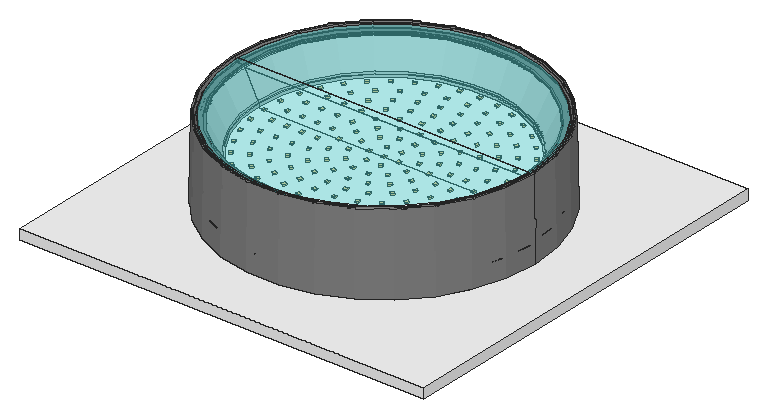
Revit family "BE_24648_de_DE", category Leuchten, Revit 2020 (continued)
Definition of nested family "BE_24648"
  Forms (mm)
    Extrusion 167, solid, material <- "Material_15"
      sketch origin (0, 0, 0) x (-0.587786, 0.809017, 0) y (-0.809017, -0.587786, 0)
        loop
          line (-119.8, -1.6) -> (-117, -1.6) -> (-117, 1.6) -> (-119.8, 1.6) -> (-119.8, -1.6)
      from 45.555 to 47.214
    Extrusion 168, solid, material <- "Material_15"
      sketch origin (0, 0, 0) x (-0.453991, 0.891006, 0) y (-0.891006, -0.453991, 0)
        loop
          line (-119.8, -1.6) -> (-117, -1.6) -> (-117, 1.6) -> (-119.8, 1.6) -> (-119.8, -1.6)
      from 45.555 to 47.214
    Extrusion 169, solid, material <- "Material_15"
      sketch origin (0, 0, 0) x (-0.309017, 0.951056, 0) y (-0.951056, -0.309017, 0)
        loop
          line (-119.8, -1.6) -> (-117, -1.6) -> (-117, 1.6) -> (-119.8, 1.6) -> (-119.8, -1.6)
      from 45.555 to 47.214
    Extrusion 170, solid, material <- "Material_15"
      sketch origin (0, 0, 0) x (-0.156435, 0.987688, 0) y (-0.987688, -0.156435, 0)
        loop
          line (-119.8, -1.6) -> (-117, -1.6) -> (-117, 1.6) -> (-119.8, 1.6) -> (-119.8, -1.6)
      from 45.555 to 47.214
    Extrusion 171, solid, material <- "Material_15"
      sketch origin (0, 0, 0) x (-0.000001, 1, 0) y (-1, -0.000001, 0)
        loop
          line (-119.8, -1.6) -> (-117, -1.6) -> (-117, 1.6) -> (-119.8, 1.6) -> (-119.8, -1.6)
      from 45.555 to 47.214
    Extrusion 172, solid, material <- "Material_15"
      sketch origin (0, 0, 0) x (0.156434, 0.987688, 0) y (-0.987688, 0.156434, 0)
        loop
          line (-119.8, -1.6) -> (-117, -1.6) -> (-117, 1.6) -> (-119.8, 1.6) -> (-119.8, -1.6)
      from 45.555 to 47.214
    Extrusion 173, solid, material <- "Material_15"
      sketch origin (0, 0, 0) x (0.309016, 0.951057, 0) y (-0.951057, 0.309016, 0)
        loop
          line (-119.8, -1.6) -> (-117, -1.6) -> (-117, 1.6) -> (-119.8, 1.6) -> (-119.8, -1.6)
      from 45.555 to 47.214
    Extrusion 174, solid, material <- "Material_15"
      sketch origin (0, 0, 0) x (0.45399, 0.891007, 0) y (-0.891007, 0.45399, 0)
        loop
          line (-119.8, -1.6) -> (-117, -1.6) -> (-117, 1.6) -> (-119.8, 1.6) -> (-119.8, -1.6)
      from 45.555 to 47.214
    Extrusion 175, solid, material <- "Material_15"
      sketch origin (0, 0, 0) x (0.587785, 0.809017, 0) y (-0.809017, 0.587785, 0)
        loop
          line (-119.8, -1.6) -> (-117, -1.6) -> (-117, 1.6) -> (-119.8, 1.6) -> (-119.8, -1.6)
      from 45.555 to 47.214
    Extrusion 176, solid, material <- "Material_15"
      sketch origin (0, 0, 0) x (0.707106, 0.707107, 0) y (-0.707107, 0.707106, 0)
        loop
          line (-119.8, -1.6) -> (-117, -1.6) -> (-117, 1.6) -> (-119.8, 1.6) -> (-119.8, -1.6)
      from 45.555 to 47.214
    Extrusion 177, solid, material <- "Material_15"
      sketch origin (0, 0, 0) x (0.809017, 0.587786, 0) y (-0.587786, 0.809017, 0)
        loop
          line (-119.8, -1.6) -> (-117, -1.6) -> (-117, 1.6) -> (-119.8, 1.6) -> (-119.8, -1.6)
      from 45.555 to 47.214
    Extrusion 178, solid, material <- "Material_15"
      sketch origin (0, 0, 0) x (0.891006, 0.453991, 0) y (-0.453991, 0.891006, 0)
        loop
          line (-119.8, -1.6) -> (-117, -1.6) -> (-117, 1.6) -> (-119.8, 1.6) -> (-119.8, -1.6)
      from 45.555 to 47.214
    Extrusion 179, solid, material <- "Material_15"
      sketch origin (0, 0, 0) x (0.951056, 0.309018, 0) y (-0.309018, 0.951056, 0)
        loop
          line (-119.8, -1.6) -> (-117, -1.6) -> (-117, 1.6) -> (-119.8, 1.6) -> (-119.8, -1.6)
      from 45.555 to 47.214
    Extrusion 180, solid, material <- "Material_15"
      sketch origin (0, 0, 0) x (0.987688, 0.156435, 0) y (-0.156435, 0.987688, 0)
        loop
          line (-119.8, -1.6) -> (-117, -1.6) -> (-117, 1.6) -> (-119.8, 1.6) -> (-119.8, -1.6)
      from 45.555 to 47.214
    Revolve 181, solid, material <- "Material_03", visible <- "M_W"
      sketch origin (0, 0, 0) x (1, 0, 0) y (0, 0, 1)
        loop
          line (-150.396, 4.114) -> (-146.024, 4.114) -> (-145.448, 20.614) -> (-144.25, 20.614)
          arc (-144.25, 20.614) -> (-143.896, 20.76) -> (-143.75, 21.114) r 0.5
          line (-143.75, 21.114) -> (-143.622, 22.614) -> (-143, 52.314) -> (-143, 77.114) -> (-140.207, 77.114) -> (-140.259, 78.614) -> (-145.498, 78.614) -> (-145.549, 79.75) -> (-146.972, 83.657)
          arc (-146.972, 83.657) -> (-147.226, 83.988) -> (-147.624, 84.114) r 0.695
          line (-147.624, 84.114) -> (-148.462, 84.114)
          arc (-148.462, 84.114) -> (-148.846, 83.957) -> (-149.009, 83.576) r 0.547
          line (-149.009, 83.576) -> (-150.396, 4.114)
        axis (0, 84.114) -> (0, 4.114)
      angle from 0 to 360
    Revolve 182, solid, material <- "Material_03", visible <- "M_W"
      sketch origin (0, 0, 0) x (1, 0, 0) y (0, 0, 1)
        loop
          arc (144.045, 16.536) -> (143.78, 17.179) -> (143.159, 17.494) r 1
          line (143.159, 17.494) -> (141.585, 17.674)
          arc (141.585, 17.674) -> (140.003, 20.129) -> (141.829, 22.408) r 2.5
          line (141.829, 22.408) -> (141.747, 23.342)
          arc (141.747, 23.342) -> (141.381, 23.819) -> (140.807, 24) r 1
          line (140.807, 24) -> (138.693, 24)
          arc (138.693, 24) -> (137.997, 23.719) -> (137.693, 23.033) r 1
          line (137.693, 23.033) -> (137.551, 18.964)
          arc (137.551, 18.964) -> (137.404, 18.477) -> (137.037, 18.126) r 1
          arc (137.037, 18.126) -> (136.673, 17.775) -> (136.527, 17.291) r 1
          line (136.527, 17.291) -> (136.236, 8.963)
          arc (136.236, 8.963) -> (135.931, 8.28) -> (135.237, 8) r 1
          line (135.237, 8) -> (0, 8) -> (0, 5) -> (140.48, 5)
          arc (140.48, 5) -> (141.174, 4.72) -> (141.479, 4.037) r 1
          line (141.479, 4.037) -> (141.552, 1.964)
          arc (141.552, 1.964) -> (141.857, 1.28) -> (142.551, 1) r 1
          line (142.551, 1) -> (144.587, 1) -> (144.045, 16.536)
        axis (0, 24) -> (0, 1)
      angle from 0 to 360
    Extrusion 183, solid, material <- "Material_03", visible <- "M_W"
      sketch origin (0, 0, 0) x (1, 0, 0) y (0, 1, 0)
        loop
          circle (-130, 0) r 8.251
        loop
          circle (130, 0) r 8.251
      from 0 to 5
  Cuts and joins
    Extrusion 10 cuts Revolve 3
    Extrusion 10 cuts Revolve 5
    Extrusion 10 cuts Revolve 6
    Extrusion 10 cuts Revolve 7
    Extrusion 10 cuts Extrusion 9
    Extrusion 10 cuts Revolve 182
    Extrusion 10 cuts Extrusion 183
  Dimensions and locks
    equal spacing: Extrusion 1 sketch curve, plane 3 "Mitte (Links/Rechts)", Extrusion 1 sketch curve
    equal spacing: Extrusion 1 sketch curve, plane 1 "Mitte (Oben/Unten)", Extrusion 1 sketch curve
    "Länge_Platte": Extrusion 1 sketch curve to Extrusion 1 sketch curve
    "Breite_Platte": Extrusion 1 sketch curve to Extrusion 1 sketch curve
    aligned and locked: Extrusion 1 to plane 2
    aligned and locked: level to Extrusion 1
  Automatic sketch dimensions
    Revolve 2 sketch curve to plane 3 "Mitte (Links/Rechts)" = 0 mm
    Revolve 2 sketch curve to Revolve 2 sketch curve = 0.052 mm
    Revolve 2 sketch curve to Revolve 2 sketch curve = 2.793 mm
    level to Revolve 2 sketch curve = 22.614 mm
    Revolve 2 sketch curve to Revolve 2 sketch curve = 0.622 mm
    level to Revolve 2 sketch curve = 21.114 mm
    Revolve 2 sketch curve to Revolve 2 sketch curve = 0.128 mm
    Revolve 2 sketch curve to Revolve 2 sketch curve = 0.5 mm
    Revolve 2 sketch curve to Revolve 2 sketch curve = 1.198 mm
    level to Revolve 2 sketch curve = 4.114 mm
    Revolve 2 sketch curve to Revolve 2 sketch curve = 0.576 mm
    Revolve 2 sketch curve to Revolve 2 sketch curve = 1.422 mm
    Revolve 2 sketch curve to Revolve 2 sketch curve = 0.653 mm
    Revolve 2 sketch curve to Revolve 2 sketch curve = 0.838 mm
    level to Revolve 2 sketch curve = 83.576 mm
    Revolve 2 sketch curve to Revolve 2 sketch curve = 0.547 mm
    Revolve 2 sketch curve to Revolve 2 sketch curve = 4.373 mm
    Revolve 2 sketch curve to Revolve 2 sketch curve = 29.7 mm
    Revolve 2 sketch curve to Revolve 2 sketch curve = 6.462 mm
    Revolve 2 sketch curve to Revolve 2 sketch curve = 0.157 mm
    Revolve 2 sketch curve to Revolve 2 sketch curve = 0.01 mm
    Revolve 2 sketch curve to level = 413.745 mm
    Revolve 2 sketch curve to Revolve 2 sketch curve = 700.754 mm
    Revolve 2 sketch curve to plane 3 "Mitte (Links/Rechts)" = 140.207 mm
    Revolve 2 sketch curve to Revolve 2 sketch curve = 6.009 mm
    Revolve 2 sketch curve to Revolve 2 sketch curve = 0.051 mm
    Revolve 2 sketch curve to Revolve 2 sketch curve = 1.5 mm
    Revolve 2 sketch curve to Revolve 2 sketch curve = 1.136 mm
    Revolve 4 sketch curve to plane 3 "Mitte (Links/Rechts)" = 144.993 mm
    Revolve 4 sketch curve to Revolve 4 sketch curve = 6.981 mm
    level to Revolve 4 sketch curve = 78.323 mm
    Revolve 4 sketch curve to Revolve 4 sketch curve = 0.79 mm
    Revolve 3 sketch curve to plane 3 "Mitte (Links/Rechts)" = 0 mm  (x2)
    Revolve 3 sketch curve to plane 3 "Mitte (Links/Rechts)" = 139.5 mm
    Revolve 3 sketch curve to Revolve 3 sketch curve = 4.764 mm
    Revolve 3 sketch curve to Revolve 3 sketch curve = 0.736 mm
    level to Revolve 3 sketch curve = 77.124 mm
    Revolve 3 sketch curve to Revolve 3 sketch curve = 2 mm
    Revolve 3 sketch curve to Revolve 3 sketch curve = 3.264 mm
    Revolve 3 sketch curve to Revolve 3 sketch curve = 6 mm
    Revolve 3 sketch curve to Revolve 3 sketch curve = 0 mm
    Revolve 3 sketch curve to Revolve 3 sketch curve = 701.744 mm
    Revolve 5 sketch curve to plane 3 "Mitte (Links/Rechts)" = 138.618 mm
    Revolve 5 sketch curve to Revolve 5 sketch curve = 10.618 mm
    Revolve 5 sketch curve to Revolve 5 sketch curve = 0.433 mm
    Revolve 5 sketch curve to Revolve 5 sketch curve = 1.817 mm
    Revolve 5 sketch curve to Revolve 5 sketch curve = 0.75 mm  (x4)
    Revolve 5 sketch curve to Revolve 5 sketch curve = 1.5 mm
    level to Revolve 5 sketch curve = 47.564 mm
    Revolve 5 sketch curve to Revolve 5 sketch curve = 1 mm
    Revolve 5 sketch curve to Revolve 5 sketch curve = 1.621 mm
    Revolve 5 sketch curve to Revolve 5 sketch curve = 0.179 mm
    Revolve 5 sketch curve to Revolve 5 sketch curve = 25.439 mm
    Revolve 5 sketch curve to Revolve 5 sketch curve = 0.84 mm
    Revolve 6 sketch curve to plane 3 "Mitte (Links/Rechts)" = 142 mm
    Revolve 6 sketch curve to Revolve 6 sketch curve = 3 mm
    Revolve 6 sketch curve to plane 3 "Mitte (Links/Rechts)" = 0 mm  (x2)
    level to Revolve 6 sketch curve = 42.014 mm
    Revolve 6 sketch curve to Revolve 6 sketch curve = 16.881 mm
    Revolve 6 sketch curve to level = 413.745 mm
    Revolve 6 sketch curve to Revolve 6 sketch curve = 739.854 mm
    Revolve 6 sketch curve to Revolve 6 sketch curve = 1.55 mm
    Revolve 7 sketch curve to plane 3 "Mitte (Links/Rechts)" = 0 mm
    level to Revolve 7 sketch curve = 9 mm
    plane 3 "Mitte (Links/Rechts)" to Revolve 7 sketch curve = 135.237 mm
    level to Revolve 7 sketch curve = 8.963 mm
    Revolve 7 sketch curve to Revolve 7 sketch curve = 0.999 mm  (x7)
    level to Revolve 7 sketch curve = 17.291 mm
    Revolve 7 sketch curve to Revolve 7 sketch curve = 0.291 mm
    Revolve 7 sketch curve to Revolve 7 sketch curve = 0.025 mm
    level to Revolve 7 sketch curve = 18.964 mm
    Revolve 7 sketch curve to Revolve 7 sketch curve = 0.142 mm
    Revolve 7 sketch curve to Revolve 7 sketch curve = 4.244 mm
    Revolve 7 sketch curve to Revolve 7 sketch curve = 2.115 mm
    level to Revolve 7 sketch curve = 4.037 mm
    level to Revolve 7 sketch curve = 1.964 mm
    Revolve 7 sketch curve to Revolve 7 sketch curve = 0.072 mm
    level to Revolve 7 sketch curve = 17.674 mm
    Revolve 7 sketch curve to Revolve 7 sketch curve = 4.059 mm
    Revolve 7 sketch curve to Revolve 7 sketch curve = 0.915 mm
    level to Revolve 7 sketch curve = 1 mm
    Revolve 7 sketch curve to Revolve 7 sketch curve = 1.461 mm
    level to Revolve 7 sketch curve = 17.494 mm
    Revolve 7 sketch curve to Revolve 7 sketch curve = 0.114 mm
    level to Revolve 7 sketch curve = 16.536 mm
    Revolve 7 sketch curve to Revolve 7 sketch curve = 2.036 mm
    Revolve 7 sketch curve to Revolve 7 sketch curve = 0.037 mm  (x2)
    Revolve 7 sketch curve to Revolve 7 sketch curve = 0.036 mm
    Revolve 7 sketch curve to Revolve 7 sketch curve = 2.326 mm
    Revolve 7 sketch curve to Revolve 7 sketch curve = 0.033 mm  (x2)
    Revolve 7 sketch curve to Revolve 7 sketch curve = 0.94 mm
    Revolve 7 sketch curve to Revolve 7 sketch curve = 0.082 mm
    Revolve 7 sketch curve to Revolve 7 sketch curve = 0.592 mm
    Revolve 8 sketch curve to Revolve 8 sketch curve = 0 mm  (x4)
    level to Revolve 8 sketch curve = 20.1 mm
    plane 3 "Mitte (Links/Rechts)" to Revolve 8 sketch curve = 142.5 mm
    Revolve 8 sketch curve to Revolve 8 sketch curve = 2.5 mm
    plane 1 "Mitte (Oben/Unten)" to Extrusion 9 sketch curve = 0 mm  (x2)
    Extrusion 9 sketch curve to plane 3 "Mitte (Links/Rechts)" = 130 mm
    plane 3 "Mitte (Links/Rechts)" to Extrusion 9 sketch curve = 130 mm
    plane 3 "Mitte (Links/Rechts)" to Extrusion 11 sketch curve = 1.4 mm
    Extrusion 11 sketch curve to plane 1 "Mitte (Oben/Unten)" = 1.6 mm
    plane 1 "Mitte (Oben/Unten)" to Extrusion 11 sketch curve = 1.6 mm
    Extrusion 11 sketch curve to plane 3 "Mitte (Links/Rechts)" = 1.4 mm
    Extrusion 12 sketch curve to Extrusion 12 sketch curve = 2.8 mm
    Extrusion 12 sketch curve to Extrusion 12 sketch curve = 14.158 mm
    Extrusion 12 sketch curve to Extrusion 12 sketch curve = 2.705 mm  (x4)
    Extrusion 12 sketch curve to Extrusion 12 sketch curve = 0.828 mm  (x2)
    Extrusion 12 sketch curve to Extrusion 12 sketch curve = 1.876 mm
    Extrusion 12 sketch curve to Extrusion 12 sketch curve = 0.725 mm  (x4)
    Extrusion 12 sketch curve to Extrusion 12 sketch curve = 3.091 mm  (x2)
    Extrusion 12 sketch curve to Extrusion 12 sketch curve = 4.153 mm
    Extrusion 12 sketch curve to Extrusion 12 sketch curve = 3.2 mm
    Extrusion 12 sketch curve to Extrusion 12 sketch curve = 11.506 mm
    Extrusion 13 sketch curve to Extrusion 13 sketch curve = 2.8 mm
    Extrusion 13 sketch curve to Extrusion 13 sketch curve = 14.158 mm
    Extrusion 13 sketch curve to Extrusion 13 sketch curve = 2.705 mm  (x4)
    Extrusion 13 sketch curve to Extrusion 13 sketch curve = 0.828 mm  (x2)
    Extrusion 13 sketch curve to Extrusion 13 sketch curve = 1.876 mm
    Extrusion 13 sketch curve to Extrusion 13 sketch curve = 0.725 mm  (x4)
    Extrusion 13 sketch curve to Extrusion 13 sketch curve = 3.091 mm  (x2)
    Extrusion 13 sketch curve to Extrusion 13 sketch curve = 4.153 mm
    Extrusion 13 sketch curve to Extrusion 13 sketch curve = 3.2 mm
    Extrusion 13 sketch curve to Extrusion 13 sketch curve = 11.506 mm
    Extrusion 14 sketch curve to Extrusion 14 sketch curve = 2.8 mm
    Extrusion 14 sketch curve to Extrusion 14 sketch curve = 14.158 mm
    Extrusion 14 sketch curve to Extrusion 14 sketch curve = 2.705 mm  (x4)
    Extrusion 14 sketch curve to Extrusion 14 sketch curve = 0.828 mm  (x2)
    Extrusion 14 sketch curve to Extrusion 14 sketch curve = 1.876 mm
    Extrusion 14 sketch curve to Extrusion 14 sketch curve = 0.725 mm  (x4)
    Extrusion 14 sketch curve to Extrusion 14 sketch curve = 3.091 mm  (x2)
    Extrusion 14 sketch curve to Extrusion 14 sketch curve = 4.153 mm
    Extrusion 14 sketch curve to Extrusion 14 sketch curve = 3.2 mm
    Extrusion 14 sketch curve to Extrusion 14 sketch curve = 11.506 mm
    Extrusion 15 sketch curve to Extrusion 15 sketch curve = 2.8 mm
    Extrusion 15 sketch curve to Extrusion 15 sketch curve = 14.158 mm
    Extrusion 15 sketch curve to Extrusion 15 sketch curve = 2.705 mm  (x4)
    Extrusion 15 sketch curve to Extrusion 15 sketch curve = 0.828 mm  (x2)
    Extrusion 15 sketch curve to Extrusion 15 sketch curve = 1.876 mm
    Extrusion 15 sketch curve to Extrusion 15 sketch curve = 0.725 mm  (x4)
    Extrusion 15 sketch curve to Extrusion 15 sketch curve = 3.091 mm  (x2)
    Extrusion 15 sketch curve to Extrusion 15 sketch curve = 4.153 mm
    Extrusion 15 sketch curve to Extrusion 15 sketch curve = 3.2 mm
    Extrusion 15 sketch curve to Extrusion 15 sketch curve = 11.506 mm
    Extrusion 16 sketch curve to Extrusion 16 sketch curve = 2.8 mm
    Extrusion 16 sketch curve to Extrusion 16 sketch curve = 14.158 mm
    Extrusion 16 sketch curve to Extrusion 16 sketch curve = 2.705 mm  (x4)
    Extrusion 16 sketch curve to Extrusion 16 sketch curve = 0.828 mm  (x2)
    Extrusion 16 sketch curve to Extrusion 16 sketch curve = 1.876 mm
    Extrusion 16 sketch curve to Extrusion 16 sketch curve = 0.725 mm  (x4)
    Extrusion 16 sketch curve to Extrusion 16 sketch curve = 3.091 mm  (x2)
    Extrusion 16 sketch curve to Extrusion 16 sketch curve = 4.153 mm
    Extrusion 16 sketch curve to Extrusion 16 sketch curve = 3.2 mm
    Extrusion 16 sketch curve to Extrusion 16 sketch curve = 11.506 mm
    Extrusion 17 sketch curve to Extrusion 17 sketch curve = 2.8 mm
    Extrusion 17 sketch curve to Extrusion 17 sketch curve = 14.158 mm
    Extrusion 17 sketch curve to Extrusion 17 sketch curve = 2.705 mm  (x4)
    Extrusion 17 sketch curve to Extrusion 17 sketch curve = 0.828 mm  (x2)
    Extrusion 17 sketch curve to Extrusion 17 sketch curve = 1.876 mm
    Extrusion 17 sketch curve to Extrusion 17 sketch curve = 0.725 mm  (x4)
    Extrusion 17 sketch curve to Extrusion 17 sketch curve = 3.091 mm  (x2)
    Extrusion 17 sketch curve to Extrusion 17 sketch curve = 4.153 mm
    Extrusion 17 sketch curve to Extrusion 17 sketch curve = 3.2 mm
    Extrusion 17 sketch curve to Extrusion 17 sketch curve = 11.506 mm
    Extrusion 18 sketch curve to Extrusion 18 sketch curve = 2.8 mm
    Extrusion 18 sketch curve to Extrusion 18 sketch curve = 3.2 mm
    Extrusion 19 sketch curve to Extrusion 19 sketch curve = 2.8 mm
    Extrusion 19 sketch curve to Extrusion 19 sketch curve = 3.2 mm
    Extrusion 20 sketch curve to Extrusion 20 sketch curve = 2.8 mm
    Extrusion 20 sketch curve to Extrusion 20 sketch curve = 3.2 mm
    Extrusion 21 sketch curve to Extrusion 21 sketch curve = 2.8 mm
    Extrusion 21 sketch curve to Extrusion 21 sketch curve = 3.2 mm
    Extrusion 22 sketch curve to Extrusion 22 sketch curve = 2.8 mm
    Extrusion 22 sketch curve to Extrusion 22 sketch curve = 3.2 mm
    Extrusion 23 sketch curve to Extrusion 23 sketch curve = 2.8 mm
    Extrusion 23 sketch curve to Extrusion 23 sketch curve = 3.2 mm
    Extrusion 24 sketch curve to Extrusion 24 sketch curve = 2.8 mm
    Extrusion 24 sketch curve to Extrusion 24 sketch curve = 3.2 mm
    Extrusion 25 sketch curve to Extrusion 25 sketch curve = 2.8 mm
    Extrusion 25 sketch curve to Extrusion 25 sketch curve = 3.2 mm
    Extrusion 26 sketch curve to Extrusion 26 sketch curve = 2.8 mm
    Extrusion 26 sketch curve to Extrusion 26 sketch curve = 3.2 mm
    Extrusion 27 sketch curve to Extrusion 27 sketch curve = 2.8 mm
    Extrusion 27 sketch curve to Extrusion 27 sketch curve = 3.2 mm
    Extrusion 28 sketch curve to Extrusion 28 sketch curve = 2.8 mm
    Extrusion 28 sketch curve to Extrusion 28 sketch curve = 3.2 mm
    Extrusion 29 sketch curve to Extrusion 29 sketch curve = 2.8 mm
    Extrusion 29 sketch curve to Extrusion 29 sketch curve = 3.2 mm
    Extrusion 30 sketch curve to Extrusion 30 sketch curve = 2.8 mm
    Extrusion 30 sketch curve to Extrusion 30 sketch curve = 3.2 mm
    Extrusion 31 sketch curve to Extrusion 31 sketch curve = 2.8 mm
    Extrusion 31 sketch curve to Extrusion 31 sketch curve = 3.2 mm
    Extrusion 32 sketch curve to Extrusion 32 sketch curve = 2.8 mm
    Extrusion 32 sketch curve to Extrusion 32 sketch curve = 3.2 mm
    Extrusion 33 sketch curve to Extrusion 33 sketch curve = 2.8 mm
    Extrusion 33 sketch curve to Extrusion 33 sketch curve = 3.2 mm
    Extrusion 34 sketch curve to Extrusion 34 sketch curve = 0.501 mm
    Extrusion 34 sketch curve to Extrusion 34 sketch curve = 2.766 mm  (x2)
    Extrusion 34 sketch curve to Extrusion 34 sketch curve = 0.438 mm  (x2)
    Extrusion 34 sketch curve to Extrusion 34 sketch curve = 3.161 mm
    Extrusion 35 sketch curve to Extrusion 35 sketch curve = 0.501 mm
    Extrusion 35 sketch curve to Extrusion 35 sketch curve = 2.766 mm  (x2)
    Extrusion 35 sketch curve to Extrusion 35 sketch curve = 0.438 mm  (x2)
    Extrusion 35 sketch curve to Extrusion 35 sketch curve = 3.161 mm
    Extrusion 36 sketch curve to Extrusion 36 sketch curve = 0.501 mm
    Extrusion 36 sketch curve to Extrusion 36 sketch curve = 2.766 mm  (x2)
    Extrusion 36 sketch curve to Extrusion 36 sketch curve = 0.438 mm  (x2)
    Extrusion 36 sketch curve to Extrusion 36 sketch curve = 3.161 mm
    Extrusion 37 sketch curve to Extrusion 37 sketch curve = 0.501 mm
    Extrusion 37 sketch curve to Extrusion 37 sketch curve = 2.766 mm  (x2)
    Extrusion 37 sketch curve to Extrusion 37 sketch curve = 0.438 mm  (x2)
    Extrusion 37 sketch curve to Extrusion 37 sketch curve = 3.161 mm
    Extrusion 38 sketch curve to Extrusion 38 sketch curve = 0.501 mm
    Extrusion 38 sketch curve to Extrusion 38 sketch curve = 2.766 mm  (x2)
    Extrusion 38 sketch curve to Extrusion 38 sketch curve = 0.438 mm  (x2)
    Extrusion 38 sketch curve to Extrusion 38 sketch curve = 3.161 mm
    Extrusion 39 sketch curve to Extrusion 39 sketch curve = 0.501 mm
    Extrusion 39 sketch curve to Extrusion 39 sketch curve = 2.766 mm  (x2)
    Extrusion 39 sketch curve to Extrusion 39 sketch curve = 0.438 mm  (x2)
    Extrusion 39 sketch curve to Extrusion 39 sketch curve = 3.161 mm
    Extrusion 40 sketch curve to Extrusion 40 sketch curve = 0.501 mm
    Extrusion 40 sketch curve to Extrusion 40 sketch curve = 2.766 mm  (x2)
    Extrusion 40 sketch curve to Extrusion 40 sketch curve = 0.438 mm  (x2)
    Extrusion 40 sketch curve to Extrusion 40 sketch curve = 3.161 mm
    Extrusion 41 sketch curve to Extrusion 41 sketch curve = 0.501 mm
    Extrusion 41 sketch curve to Extrusion 41 sketch curve = 2.766 mm  (x2)
    Extrusion 41 sketch curve to Extrusion 41 sketch curve = 0.438 mm  (x2)
    Extrusion 41 sketch curve to Extrusion 41 sketch curve = 3.161 mm
    Extrusion 42 sketch curve to Extrusion 42 sketch curve = 0.501 mm
    Extrusion 42 sketch curve to Extrusion 42 sketch curve = 2.766 mm  (x2)
    Extrusion 42 sketch curve to Extrusion 42 sketch curve = 0.438 mm  (x2)
    Extrusion 42 sketch curve to Extrusion 42 sketch curve = 3.161 mm
    Extrusion 43 sketch curve to Extrusion 43 sketch curve = 0.501 mm
    Extrusion 43 sketch curve to Extrusion 43 sketch curve = 2.766 mm  (x2)
    Extrusion 43 sketch curve to Extrusion 43 sketch curve = 0.438 mm  (x2)
    Extrusion 43 sketch curve to Extrusion 43 sketch curve = 3.161 mm
    Extrusion 44 sketch curve to Extrusion 44 sketch curve = 0.501 mm
    Extrusion 44 sketch curve to Extrusion 44 sketch curve = 2.766 mm  (x2)
    Extrusion 44 sketch curve to Extrusion 44 sketch curve = 0.438 mm  (x2)
    Extrusion 44 sketch curve to Extrusion 44 sketch curve = 3.161 mm
    Extrusion 45 sketch curve to Extrusion 45 sketch curve = 0.501 mm
    Extrusion 45 sketch curve to Extrusion 45 sketch curve = 2.766 mm  (x2)
    Extrusion 45 sketch curve to Extrusion 45 sketch curve = 0.438 mm  (x2)
    Extrusion 45 sketch curve to Extrusion 45 sketch curve = 3.161 mm
    Extrusion 46 sketch curve to Extrusion 46 sketch curve = 0.501 mm
    Extrusion 46 sketch curve to Extrusion 46 sketch curve = 2.766 mm  (x2)
    Extrusion 46 sketch curve to Extrusion 46 sketch curve = 0.438 mm  (x2)
    Extrusion 46 sketch curve to Extrusion 46 sketch curve = 3.161 mm
    Extrusion 47 sketch curve to Extrusion 47 sketch curve = 0.501 mm
    Extrusion 47 sketch curve to Extrusion 47 sketch curve = 2.766 mm  (x2)
    Extrusion 47 sketch curve to Extrusion 47 sketch curve = 0.438 mm  (x2)
    Extrusion 47 sketch curve to Extrusion 47 sketch curve = 3.161 mm
    Extrusion 48 sketch curve to Extrusion 48 sketch curve = 0.501 mm
    Extrusion 48 sketch curve to Extrusion 48 sketch curve = 2.766 mm  (x2)
    Extrusion 48 sketch curve to Extrusion 48 sketch curve = 0.438 mm  (x2)
    Extrusion 48 sketch curve to Extrusion 48 sketch curve = 3.161 mm
    Extrusion 49 sketch curve to Extrusion 49 sketch curve = 0.501 mm
    Extrusion 49 sketch curve to Extrusion 49 sketch curve = 2.766 mm  (x2)
    Extrusion 49 sketch curve to Extrusion 49 sketch curve = 0.438 mm  (x2)
    Extrusion 49 sketch curve to Extrusion 49 sketch curve = 3.161 mm
    Extrusion 50 sketch curve to Extrusion 50 sketch curve = 0.501 mm
    Extrusion 50 sketch curve to Extrusion 50 sketch curve = 2.766 mm  (x2)
    Extrusion 50 sketch curve to Extrusion 50 sketch curve = 0.438 mm  (x2)
    Extrusion 50 sketch curve to Extrusion 50 sketch curve = 3.161 mm
    Extrusion 51 sketch curve to Extrusion 51 sketch curve = 0.501 mm
    Extrusion 51 sketch curve to Extrusion 51 sketch curve = 2.766 mm  (x2)
    Extrusion 51 sketch curve to Extrusion 51 sketch curve = 0.438 mm  (x2)
    Extrusion 51 sketch curve to Extrusion 51 sketch curve = 3.161 mm
    Extrusion 52 sketch curve to Extrusion 52 sketch curve = 0.501 mm
    Extrusion 52 sketch curve to Extrusion 52 sketch curve = 2.766 mm  (x2)
    Extrusion 52 sketch curve to Extrusion 52 sketch curve = 0.438 mm  (x2)
    Extrusion 52 sketch curve to Extrusion 52 sketch curve = 3.161 mm
    Extrusion 53 sketch curve to Extrusion 53 sketch curve = 0.501 mm
    Extrusion 53 sketch curve to Extrusion 53 sketch curve = 2.766 mm  (x2)
    Extrusion 53 sketch curve to Extrusion 53 sketch curve = 0.438 mm  (x2)
    Extrusion 53 sketch curve to Extrusion 53 sketch curve = 3.161 mm
    Extrusion 54 sketch curve to Extrusion 54 sketch curve = 2.776 mm  (x2)
    Extrusion 54 sketch curve to Extrusion 54 sketch curve = 0.418 mm
    Extrusion 54 sketch curve to Extrusion 54 sketch curve = 0.365 mm  (x2)
    Extrusion 54 sketch curve to Extrusion 54 sketch curve = 3.173 mm
    Extrusion 55 sketch curve to Extrusion 55 sketch curve = 2.776 mm  (x2)
    Extrusion 55 sketch curve to Extrusion 55 sketch curve = 0.418 mm
    Extrusion 55 sketch curve to Extrusion 55 sketch curve = 0.365 mm  (x2)
    Extrusion 55 sketch curve to Extrusion 55 sketch curve = 3.173 mm
    Extrusion 56 sketch curve to Extrusion 56 sketch curve = 2.776 mm  (x2)
    Extrusion 56 sketch curve to Extrusion 56 sketch curve = 0.418 mm
    Extrusion 56 sketch curve to Extrusion 56 sketch curve = 0.365 mm  (x2)
    Extrusion 56 sketch curve to Extrusion 56 sketch curve = 3.173 mm
    Extrusion 57 sketch curve to Extrusion 57 sketch curve = 2.776 mm  (x2)
    Extrusion 57 sketch curve to Extrusion 57 sketch curve = 0.418 mm
    Extrusion 57 sketch curve to Extrusion 57 sketch curve = 0.365 mm  (x2)
    Extrusion 57 sketch curve to Extrusion 57 sketch curve = 3.173 mm
    Extrusion 58 sketch curve to Extrusion 58 sketch curve = 2.776 mm  (x2)
    Extrusion 58 sketch curve to Extrusion 58 sketch curve = 0.418 mm
    Extrusion 58 sketch curve to Extrusion 58 sketch curve = 0.365 mm  (x2)
    Extrusion 58 sketch curve to Extrusion 58 sketch curve = 3.173 mm
    Extrusion 59 sketch curve to Extrusion 59 sketch curve = 2.776 mm  (x2)
    Extrusion 59 sketch curve to Extrusion 59 sketch curve = 0.418 mm
    Extrusion 59 sketch curve to Extrusion 59 sketch curve = 0.365 mm  (x2)
    Extrusion 59 sketch curve to Extrusion 59 sketch curve = 3.173 mm
    Extrusion 60 sketch curve to Extrusion 60 sketch curve = 2.776 mm  (x2)
    Extrusion 60 sketch curve to Extrusion 60 sketch curve = 0.418 mm
    Extrusion 60 sketch curve to Extrusion 60 sketch curve = 0.365 mm  (x2)
    Extrusion 60 sketch curve to Extrusion 60 sketch curve = 3.173 mm
    Extrusion 61 sketch curve to Extrusion 61 sketch curve = 2.776 mm  (x2)
    Extrusion 61 sketch curve to Extrusion 61 sketch curve = 0.418 mm
    Extrusion 61 sketch curve to Extrusion 61 sketch curve = 0.365 mm  (x2)
    Extrusion 61 sketch curve to Extrusion 61 sketch curve = 3.173 mm
    Extrusion 62 sketch curve to Extrusion 62 sketch curve = 2.776 mm  (x2)
    Extrusion 62 sketch curve to Extrusion 62 sketch curve = 0.418 mm
    Extrusion 62 sketch curve to Extrusion 62 sketch curve = 0.365 mm  (x2)
    Extrusion 62 sketch curve to Extrusion 62 sketch curve = 3.173 mm
    Extrusion 63 sketch curve to Extrusion 63 sketch curve = 2.776 mm  (x2)
    Extrusion 63 sketch curve to Extrusion 63 sketch curve = 0.418 mm
    Extrusion 63 sketch curve to Extrusion 63 sketch curve = 0.365 mm  (x2)
    Extrusion 63 sketch curve to Extrusion 63 sketch curve = 3.173 mm
    Extrusion 64 sketch curve to Extrusion 64 sketch curve = 2.776 mm  (x2)
    Extrusion 64 sketch curve to Extrusion 64 sketch curve = 0.418 mm
    Extrusion 64 sketch curve to Extrusion 64 sketch curve = 0.365 mm  (x2)
    Extrusion 64 sketch curve to Extrusion 64 sketch curve = 3.173 mm
    Extrusion 65 sketch curve to Extrusion 65 sketch curve = 2.776 mm  (x2)
    Extrusion 65 sketch curve to Extrusion 65 sketch curve = 0.418 mm
    Extrusion 65 sketch curve to Extrusion 65 sketch curve = 0.365 mm  (x2)
    Extrusion 65 sketch curve to Extrusion 65 sketch curve = 3.173 mm
    Extrusion 66 sketch curve to Extrusion 66 sketch curve = 2.776 mm  (x2)
    Extrusion 66 sketch curve to Extrusion 66 sketch curve = 0.418 mm
    Extrusion 66 sketch curve to Extrusion 66 sketch curve = 0.365 mm  (x2)
    Extrusion 66 sketch curve to Extrusion 66 sketch curve = 3.173 mm
    Extrusion 67 sketch curve to Extrusion 67 sketch curve = 2.776 mm  (x2)
    Extrusion 67 sketch curve to Extrusion 67 sketch curve = 0.418 mm
    Extrusion 67 sketch curve to Extrusion 67 sketch curve = 0.365 mm  (x2)
    Extrusion 67 sketch curve to Extrusion 67 sketch curve = 3.173 mm
    Extrusion 68 sketch curve to Extrusion 68 sketch curve = 2.776 mm  (x2)
    Extrusion 68 sketch curve to Extrusion 68 sketch curve = 0.418 mm
    Extrusion 68 sketch curve to Extrusion 68 sketch curve = 0.365 mm  (x2)
    Extrusion 68 sketch curve to Extrusion 68 sketch curve = 3.173 mm
    Extrusion 69 sketch curve to Extrusion 69 sketch curve = 2.776 mm  (x2)
    Extrusion 69 sketch curve to Extrusion 69 sketch curve = 0.418 mm
    Extrusion 69 sketch curve to Extrusion 69 sketch curve = 0.365 mm  (x2)
    Extrusion 69 sketch curve to Extrusion 69 sketch curve = 3.173 mm
    Extrusion 70 sketch curve to Extrusion 70 sketch curve = 2.776 mm  (x2)
    Extrusion 70 sketch curve to Extrusion 70 sketch curve = 0.418 mm
    Extrusion 70 sketch curve to Extrusion 70 sketch curve = 0.365 mm  (x2)
    Extrusion 70 sketch curve to Extrusion 70 sketch curve = 3.173 mm
    Extrusion 71 sketch curve to Extrusion 71 sketch curve = 2.776 mm  (x2)
    Extrusion 71 sketch curve to Extrusion 71 sketch curve = 0.418 mm
    Extrusion 71 sketch curve to Extrusion 71 sketch curve = 0.365 mm  (x2)
    Extrusion 71 sketch curve to Extrusion 71 sketch curve = 3.173 mm
    Extrusion 72 sketch curve to Extrusion 72 sketch curve = 2.776 mm  (x2)
    Extrusion 72 sketch curve to Extrusion 72 sketch curve = 0.418 mm
    Extrusion 72 sketch curve to Extrusion 72 sketch curve = 0.365 mm  (x2)
    Extrusion 72 sketch curve to Extrusion 72 sketch curve = 3.173 mm
    Extrusion 73 sketch curve to Extrusion 73 sketch curve = 2.776 mm  (x2)
    Extrusion 73 sketch curve to Extrusion 73 sketch curve = 0.418 mm
    Extrusion 73 sketch curve to Extrusion 73 sketch curve = 0.365 mm  (x2)
    Extrusion 73 sketch curve to Extrusion 73 sketch curve = 3.173 mm
    Extrusion 74 sketch curve to Extrusion 74 sketch curve = 2.776 mm  (x2)
    Extrusion 74 sketch curve to Extrusion 74 sketch curve = 0.418 mm
    Extrusion 74 sketch curve to Extrusion 74 sketch curve = 0.365 mm  (x2)
    Extrusion 74 sketch curve to Extrusion 74 sketch curve = 3.173 mm
    Extrusion 75 sketch curve to Extrusion 75 sketch curve = 2.776 mm  (x2)
    Extrusion 75 sketch curve to Extrusion 75 sketch curve = 0.418 mm
    Extrusion 75 sketch curve to Extrusion 75 sketch curve = 0.365 mm  (x2)
    Extrusion 75 sketch curve to Extrusion 75 sketch curve = 3.173 mm
    Extrusion 76 sketch curve to Extrusion 76 sketch curve = 2.776 mm  (x2)
    Extrusion 76 sketch curve to Extrusion 76 sketch curve = 0.418 mm
    Extrusion 76 sketch curve to Extrusion 76 sketch curve = 0.365 mm  (x2)
    Extrusion 76 sketch curve to Extrusion 76 sketch curve = 3.173 mm
    Extrusion 77 sketch curve to Extrusion 77 sketch curve = 2.776 mm  (x2)
    Extrusion 77 sketch curve to Extrusion 77 sketch curve = 0.418 mm
    Extrusion 77 sketch curve to Extrusion 77 sketch curve = 0.365 mm  (x2)
    Extrusion 77 sketch curve to Extrusion 77 sketch curve = 3.173 mm
    Extrusion 78 sketch curve to Extrusion 78 sketch curve = 0.346 mm
    Extrusion 78 sketch curve to Extrusion 78 sketch curve = 2.784 mm  (x2)
    Extrusion 78 sketch curve to Extrusion 78 sketch curve = 0.303 mm  (x2)
    Extrusion 78 sketch curve to Extrusion 78 sketch curve = 3.181 mm
    Extrusion 79 sketch curve to Extrusion 79 sketch curve = 0.346 mm
    Extrusion 79 sketch curve to Extrusion 79 sketch curve = 2.784 mm  (x2)
    Extrusion 79 sketch curve to Extrusion 79 sketch curve = 0.303 mm  (x2)
    Extrusion 79 sketch curve to Extrusion 79 sketch curve = 3.181 mm
    Extrusion 80 sketch curve to Extrusion 80 sketch curve = 0.346 mm
    Extrusion 80 sketch curve to Extrusion 80 sketch curve = 2.784 mm  (x2)
    Extrusion 80 sketch curve to Extrusion 80 sketch curve = 0.303 mm  (x2)
    Extrusion 80 sketch curve to Extrusion 80 sketch curve = 3.181 mm
    Extrusion 81 sketch curve to Extrusion 81 sketch curve = 0.346 mm
    Extrusion 81 sketch curve to Extrusion 81 sketch curve = 2.784 mm  (x2)
    Extrusion 81 sketch curve to Extrusion 81 sketch curve = 0.303 mm  (x2)
    Extrusion 81 sketch curve to Extrusion 81 sketch curve = 3.181 mm
    Extrusion 82 sketch curve to Extrusion 82 sketch curve = 0.346 mm
    Extrusion 82 sketch curve to Extrusion 82 sketch curve = 2.784 mm  (x2)
    Extrusion 82 sketch curve to Extrusion 82 sketch curve = 0.303 mm  (x2)
    Extrusion 82 sketch curve to Extrusion 82 sketch curve = 3.181 mm
    Extrusion 83 sketch curve to Extrusion 83 sketch curve = 0.346 mm
    Extrusion 83 sketch curve to Extrusion 83 sketch curve = 2.784 mm  (x2)
    Extrusion 83 sketch curve to Extrusion 83 sketch curve = 0.303 mm  (x2)
    Extrusion 83 sketch curve to Extrusion 83 sketch curve = 3.181 mm
    Extrusion 84 sketch curve to Extrusion 84 sketch curve = 0.346 mm
    Extrusion 84 sketch curve to Extrusion 84 sketch curve = 2.784 mm  (x2)
    Extrusion 84 sketch curve to Extrusion 84 sketch curve = 0.303 mm  (x2)
    Extrusion 84 sketch curve to Extrusion 84 sketch curve = 3.181 mm
    Extrusion 85 sketch curve to Extrusion 85 sketch curve = 0.346 mm
    Extrusion 85 sketch curve to Extrusion 85 sketch curve = 2.784 mm  (x2)
    Extrusion 85 sketch curve to Extrusion 85 sketch curve = 0.303 mm  (x2)
    Extrusion 85 sketch curve to Extrusion 85 sketch curve = 3.181 mm
    Extrusion 86 sketch curve to Extrusion 86 sketch curve = 0.346 mm
    Extrusion 86 sketch curve to Extrusion 86 sketch curve = 2.784 mm  (x2)
    Extrusion 86 sketch curve to Extrusion 86 sketch curve = 0.303 mm  (x2)
    Extrusion 86 sketch curve to Extrusion 86 sketch curve = 3.181 mm
    Extrusion 87 sketch curve to Extrusion 87 sketch curve = 0.346 mm
    Extrusion 87 sketch curve to Extrusion 87 sketch curve = 2.784 mm  (x2)
    Extrusion 87 sketch curve to Extrusion 87 sketch curve = 0.303 mm  (x2)
    Extrusion 87 sketch curve to Extrusion 87 sketch curve = 3.181 mm
    Extrusion 88 sketch curve to Extrusion 88 sketch curve = 0.346 mm
    Extrusion 88 sketch curve to Extrusion 88 sketch curve = 2.784 mm  (x2)
    Extrusion 88 sketch curve to Extrusion 88 sketch curve = 0.303 mm  (x2)
    Extrusion 88 sketch curve to Extrusion 88 sketch curve = 3.181 mm
    Extrusion 89 sketch curve to Extrusion 89 sketch curve = 0.346 mm
    Extrusion 89 sketch curve to Extrusion 89 sketch curve = 2.784 mm  (x2)
    Extrusion 89 sketch curve to Extrusion 89 sketch curve = 0.303 mm  (x2)
    Extrusion 89 sketch curve to Extrusion 89 sketch curve = 3.181 mm
    Extrusion 90 sketch curve to Extrusion 90 sketch curve = 0.346 mm
    Extrusion 90 sketch curve to Extrusion 90 sketch curve = 2.784 mm  (x2)
    Extrusion 90 sketch curve to Extrusion 90 sketch curve = 0.303 mm  (x2)
    Extrusion 90 sketch curve to Extrusion 90 sketch curve = 3.181 mm
    Extrusion 91 sketch curve to Extrusion 91 sketch curve = 0.346 mm
    Extrusion 91 sketch curve to Extrusion 91 sketch curve = 2.784 mm  (x2)
    Extrusion 91 sketch curve to Extrusion 91 sketch curve = 0.303 mm  (x2)
    Extrusion 91 sketch curve to Extrusion 91 sketch curve = 3.181 mm
    Extrusion 92 sketch curve to Extrusion 92 sketch curve = 0.346 mm
    Extrusion 92 sketch curve to Extrusion 92 sketch curve = 2.784 mm  (x2)
    Extrusion 92 sketch curve to Extrusion 92 sketch curve = 0.303 mm  (x2)
    Extrusion 92 sketch curve to Extrusion 92 sketch curve = 3.181 mm
    Extrusion 93 sketch curve to Extrusion 93 sketch curve = 0.346 mm
    Extrusion 93 sketch curve to Extrusion 93 sketch curve = 2.784 mm  (x2)
    Extrusion 93 sketch curve to Extrusion 93 sketch curve = 0.303 mm  (x2)
    Extrusion 93 sketch curve to Extrusion 93 sketch curve = 3.181 mm
    Extrusion 94 sketch curve to Extrusion 94 sketch curve = 0.346 mm
    Extrusion 94 sketch curve to Extrusion 94 sketch curve = 2.784 mm  (x2)
    Extrusion 94 sketch curve to Extrusion 94 sketch curve = 0.303 mm  (x2)
    Extrusion 94 sketch curve to Extrusion 94 sketch curve = 3.181 mm
    Extrusion 95 sketch curve to Extrusion 95 sketch curve = 0.346 mm
    Extrusion 95 sketch curve to Extrusion 95 sketch curve = 2.784 mm  (x2)
    Extrusion 95 sketch curve to Extrusion 95 sketch curve = 0.303 mm  (x2)
    Extrusion 95 sketch curve to Extrusion 95 sketch curve = 3.181 mm
    Extrusion 96 sketch curve to Extrusion 96 sketch curve = 0.346 mm
    Extrusion 96 sketch curve to Extrusion 96 sketch curve = 2.784 mm  (x2)
    Extrusion 96 sketch curve to Extrusion 96 sketch curve = 0.303 mm  (x2)
    Extrusion 96 sketch curve to Extrusion 96 sketch curve = 3.181 mm
    Extrusion 97 sketch curve to Extrusion 97 sketch curve = 0.346 mm
    Extrusion 97 sketch curve to Extrusion 97 sketch curve = 2.784 mm  (x2)
    Extrusion 97 sketch curve to Extrusion 97 sketch curve = 0.303 mm  (x2)
    Extrusion 97 sketch curve to Extrusion 97 sketch curve = 3.181 mm
    Extrusion 98 sketch curve to Extrusion 98 sketch curve = 0.346 mm
    Extrusion 98 sketch curve to Extrusion 98 sketch curve = 2.784 mm  (x2)
    Extrusion 98 sketch curve to Extrusion 98 sketch curve = 0.303 mm  (x2)
    Extrusion 98 sketch curve to Extrusion 98 sketch curve = 3.181 mm
    Extrusion 99 sketch curve to Extrusion 99 sketch curve = 0.346 mm
    Extrusion 99 sketch curve to Extrusion 99 sketch curve = 2.784 mm  (x2)
    Extrusion 99 sketch curve to Extrusion 99 sketch curve = 0.303 mm  (x2)
    Extrusion 99 sketch curve to Extrusion 99 sketch curve = 3.181 mm
    Extrusion 100 sketch curve to Extrusion 100 sketch curve = 0.346 mm
    Extrusion 100 sketch curve to Extrusion 100 sketch curve = 2.784 mm  (x2)
    Extrusion 100 sketch curve to Extrusion 100 sketch curve = 0.303 mm  (x2)
    Extrusion 100 sketch curve to Extrusion 100 sketch curve = 3.181 mm
    Extrusion 101 sketch curve to Extrusion 101 sketch curve = 0.346 mm
    Extrusion 101 sketch curve to Extrusion 101 sketch curve = 2.784 mm  (x2)
    Extrusion 101 sketch curve to Extrusion 101 sketch curve = 0.303 mm  (x2)
    Extrusion 101 sketch curve to Extrusion 101 sketch curve = 3.181 mm
    Extrusion 102 sketch curve to Extrusion 102 sketch curve = 0.346 mm
    Extrusion 102 sketch curve to Extrusion 102 sketch curve = 2.784 mm  (x2)
    Extrusion 102 sketch curve to Extrusion 102 sketch curve = 0.303 mm  (x2)
    Extrusion 102 sketch curve to Extrusion 102 sketch curve = 3.181 mm
    Extrusion 103 sketch curve to Extrusion 103 sketch curve = 0.346 mm
    Extrusion 103 sketch curve to Extrusion 103 sketch curve = 2.784 mm  (x2)
    Extrusion 103 sketch curve to Extrusion 103 sketch curve = 0.303 mm  (x2)
    Extrusion 103 sketch curve to Extrusion 103 sketch curve = 3.181 mm
    Extrusion 104 sketch curve to Extrusion 104 sketch curve = 0.346 mm
    Extrusion 104 sketch curve to Extrusion 104 sketch curve = 2.784 mm  (x2)
    Extrusion 104 sketch curve to Extrusion 104 sketch curve = 0.303 mm  (x2)
    Extrusion 104 sketch curve to Extrusion 104 sketch curve = 3.181 mm
    Extrusion 105 sketch curve to Extrusion 105 sketch curve = 0.346 mm
    Extrusion 105 sketch curve to Extrusion 105 sketch curve = 2.784 mm  (x2)
    Extrusion 105 sketch curve to Extrusion 105 sketch curve = 0.303 mm  (x2)
    Extrusion 105 sketch curve to Extrusion 105 sketch curve = 3.181 mm
    Extrusion 106 sketch curve to Extrusion 106 sketch curve = 0.346 mm
    Extrusion 106 sketch curve to Extrusion 106 sketch curve = 2.784 mm  (x2)
    Extrusion 106 sketch curve to Extrusion 106 sketch curve = 0.303 mm  (x2)
    Extrusion 106 sketch curve to Extrusion 106 sketch curve = 3.181 mm
    Extrusion 107 sketch curve to Extrusion 107 sketch curve = 0.295 mm
    Extrusion 107 sketch curve to Extrusion 107 sketch curve = 2.788 mm  (x2)
    Extrusion 107 sketch curve to Extrusion 107 sketch curve = 0.258 mm  (x2)
    Extrusion 107 sketch curve to Extrusion 107 sketch curve = 3.186 mm
    Extrusion 108 sketch curve to Extrusion 108 sketch curve = 0.295 mm
    Extrusion 108 sketch curve to Extrusion 108 sketch curve = 2.788 mm  (x2)
    Extrusion 108 sketch curve to Extrusion 108 sketch curve = 0.258 mm  (x2)
    Extrusion 108 sketch curve to Extrusion 108 sketch curve = 3.186 mm
    Extrusion 109 sketch curve to Extrusion 109 sketch curve = 0.295 mm
    Extrusion 109 sketch curve to Extrusion 109 sketch curve = 2.788 mm  (x2)
    Extrusion 109 sketch curve to Extrusion 109 sketch curve = 0.258 mm  (x2)
    Extrusion 109 sketch curve to Extrusion 109 sketch curve = 3.186 mm
    Extrusion 110 sketch curve to Extrusion 110 sketch curve = 0.295 mm
    Extrusion 110 sketch curve to Extrusion 110 sketch curve = 2.788 mm  (x2)
    Extrusion 110 sketch curve to Extrusion 110 sketch curve = 0.258 mm  (x2)
    Extrusion 110 sketch curve to Extrusion 110 sketch curve = 3.186 mm
    Extrusion 111 sketch curve to Extrusion 111 sketch curve = 0.295 mm
    Extrusion 111 sketch curve to Extrusion 111 sketch curve = 2.788 mm  (x2)
    Extrusion 111 sketch curve to Extrusion 111 sketch curve = 0.258 mm  (x2)
    Extrusion 111 sketch curve to Extrusion 111 sketch curve = 3.186 mm
    Extrusion 112 sketch curve to Extrusion 112 sketch curve = 0.295 mm
    Extrusion 112 sketch curve to Extrusion 112 sketch curve = 2.788 mm  (x2)
    Extrusion 112 sketch curve to Extrusion 112 sketch curve = 0.258 mm  (x2)
    Extrusion 112 sketch curve to Extrusion 112 sketch curve = 3.186 mm
    Extrusion 113 sketch curve to Extrusion 113 sketch curve = 0.295 mm
    Extrusion 113 sketch curve to Extrusion 113 sketch curve = 2.788 mm  (x2)
    Extrusion 113 sketch curve to Extrusion 113 sketch curve = 0.258 mm  (x2)
    Extrusion 113 sketch curve to Extrusion 113 sketch curve = 3.186 mm
    Extrusion 114 sketch curve to Extrusion 114 sketch curve = 0.295 mm
    Extrusion 114 sketch curve to Extrusion 114 sketch curve = 2.788 mm  (x2)
    Extrusion 114 sketch curve to Extrusion 114 sketch curve = 0.258 mm  (x2)
    Extrusion 114 sketch curve to Extrusion 114 sketch curve = 3.186 mm
    Extrusion 115 sketch curve to Extrusion 115 sketch curve = 0.295 mm
    Extrusion 115 sketch curve to Extrusion 115 sketch curve = 2.788 mm  (x2)
    Extrusion 115 sketch curve to Extrusion 115 sketch curve = 0.258 mm  (x2)
    Extrusion 115 sketch curve to Extrusion 115 sketch curve = 3.186 mm
    Extrusion 116 sketch curve to Extrusion 116 sketch curve = 0.295 mm
    Extrusion 116 sketch curve to Extrusion 116 sketch curve = 2.788 mm  (x2)
    Extrusion 116 sketch curve to Extrusion 116 sketch curve = 0.258 mm  (x2)
    Extrusion 116 sketch curve to Extrusion 116 sketch curve = 3.186 mm
    Extrusion 117 sketch curve to Extrusion 117 sketch curve = 0.295 mm
    Extrusion 117 sketch curve to Extrusion 117 sketch curve = 2.788 mm  (x2)
    Extrusion 117 sketch curve to Extrusion 117 sketch curve = 0.258 mm  (x2)
    Extrusion 117 sketch curve to Extrusion 117 sketch curve = 3.186 mm
    Extrusion 118 sketch curve to Extrusion 118 sketch curve = 0.295 mm
    Extrusion 118 sketch curve to Extrusion 118 sketch curve = 2.788 mm  (x2)
    Extrusion 118 sketch curve to Extrusion 118 sketch curve = 0.258 mm  (x2)
    Extrusion 118 sketch curve to Extrusion 118 sketch curve = 3.186 mm
    Extrusion 119 sketch curve to Extrusion 119 sketch curve = 0.295 mm
    Extrusion 119 sketch curve to Extrusion 119 sketch curve = 2.788 mm  (x2)
    Extrusion 119 sketch curve to Extrusion 119 sketch curve = 0.258 mm  (x2)
    Extrusion 119 sketch curve to Extrusion 119 sketch curve = 3.186 mm
    Extrusion 120 sketch curve to Extrusion 120 sketch curve = 0.295 mm
    Extrusion 120 sketch curve to Extrusion 120 sketch curve = 2.788 mm  (x2)
    Extrusion 120 sketch curve to Extrusion 120 sketch curve = 0.258 mm  (x2)
    Extrusion 120 sketch curve to Extrusion 120 sketch curve = 3.186 mm
    Extrusion 121 sketch curve to Extrusion 121 sketch curve = 0.295 mm
    Extrusion 121 sketch curve to Extrusion 121 sketch curve = 2.788 mm  (x2)
    Extrusion 121 sketch curve to Extrusion 121 sketch curve = 0.258 mm  (x2)
    Extrusion 121 sketch curve to Extrusion 121 sketch curve = 3.186 mm
    Extrusion 122 sketch curve to Extrusion 122 sketch curve = 0.295 mm
    Extrusion 122 sketch curve to Extrusion 122 sketch curve = 2.788 mm  (x2)
    Extrusion 122 sketch curve to Extrusion 122 sketch curve = 0.258 mm  (x2)
    Extrusion 122 sketch curve to Extrusion 122 sketch curve = 3.186 mm
    Extrusion 123 sketch curve to Extrusion 123 sketch curve = 0.295 mm
    Extrusion 123 sketch curve to Extrusion 123 sketch curve = 2.788 mm  (x2)
    Extrusion 123 sketch curve to Extrusion 123 sketch curve = 0.258 mm  (x2)
    Extrusion 123 sketch curve to Extrusion 123 sketch curve = 3.186 mm
    Extrusion 124 sketch curve to Extrusion 124 sketch curve = 0.295 mm
    Extrusion 124 sketch curve to Extrusion 124 sketch curve = 2.788 mm  (x2)
    Extrusion 124 sketch curve to Extrusion 124 sketch curve = 0.258 mm  (x2)
    Extrusion 124 sketch curve to Extrusion 124 sketch curve = 3.186 mm
    Extrusion 125 sketch curve to Extrusion 125 sketch curve = 0.295 mm
    Extrusion 125 sketch curve to Extrusion 125 sketch curve = 2.788 mm  (x2)
    Extrusion 125 sketch curve to Extrusion 125 sketch curve = 0.258 mm  (x2)
    Extrusion 125 sketch curve to Extrusion 125 sketch curve = 3.186 mm
    Extrusion 126 sketch curve to Extrusion 126 sketch curve = 0.295 mm
    Extrusion 126 sketch curve to Extrusion 126 sketch curve = 2.788 mm  (x2)
    Extrusion 126 sketch curve to Extrusion 126 sketch curve = 0.258 mm  (x2)
    Extrusion 126 sketch curve to Extrusion 126 sketch curve = 3.186 mm
    Extrusion 127 sketch curve to Extrusion 127 sketch curve = 0.295 mm
    Extrusion 127 sketch curve to Extrusion 127 sketch curve = 2.788 mm  (x2)
    Extrusion 127 sketch curve to Extrusion 127 sketch curve = 0.258 mm  (x2)
    Extrusion 127 sketch curve to Extrusion 127 sketch curve = 3.186 mm
    Extrusion 128 sketch curve to Extrusion 128 sketch curve = 0.295 mm
    Extrusion 128 sketch curve to Extrusion 128 sketch curve = 2.788 mm  (x2)
    Extrusion 128 sketch curve to Extrusion 128 sketch curve = 0.258 mm  (x2)
    Extrusion 128 sketch curve to Extrusion 128 sketch curve = 3.186 mm
    Extrusion 129 sketch curve to Extrusion 129 sketch curve = 0.295 mm
    Extrusion 129 sketch curve to Extrusion 129 sketch curve = 2.788 mm  (x2)
    Extrusion 129 sketch curve to Extrusion 129 sketch curve = 0.258 mm  (x2)
    Extrusion 129 sketch curve to Extrusion 129 sketch curve = 3.186 mm
    Extrusion 130 sketch curve to Extrusion 130 sketch curve = 0.295 mm
    Extrusion 130 sketch curve to Extrusion 130 sketch curve = 2.788 mm  (x2)
    Extrusion 130 sketch curve to Extrusion 130 sketch curve = 0.258 mm  (x2)
    Extrusion 130 sketch curve to Extrusion 130 sketch curve = 3.186 mm
    Extrusion 131 sketch curve to Extrusion 131 sketch curve = 0.295 mm
    Extrusion 131 sketch curve to Extrusion 131 sketch curve = 2.788 mm  (x2)
    Extrusion 131 sketch curve to Extrusion 131 sketch curve = 0.258 mm  (x2)
    Extrusion 131 sketch curve to Extrusion 131 sketch curve = 3.186 mm
    Extrusion 132 sketch curve to Extrusion 132 sketch curve = 0.295 mm
    Extrusion 132 sketch curve to Extrusion 132 sketch curve = 2.788 mm  (x2)
    Extrusion 132 sketch curve to Extrusion 132 sketch curve = 0.258 mm  (x2)
    Extrusion 132 sketch curve to Extrusion 132 sketch curve = 3.186 mm
    Extrusion 133 sketch curve to Extrusion 133 sketch curve = 0.295 mm
    Extrusion 133 sketch curve to Extrusion 133 sketch curve = 2.788 mm  (x2)
    Extrusion 133 sketch curve to Extrusion 133 sketch curve = 0.258 mm  (x2)
    Extrusion 133 sketch curve to Extrusion 133 sketch curve = 3.186 mm
    Extrusion 134 sketch curve to Extrusion 134 sketch curve = 0.295 mm
    Extrusion 134 sketch curve to Extrusion 134 sketch curve = 2.788 mm  (x2)
    Extrusion 134 sketch curve to Extrusion 134 sketch curve = 0.258 mm  (x2)
    Extrusion 134 sketch curve to Extrusion 134 sketch curve = 3.186 mm
    Extrusion 135 sketch curve to Extrusion 135 sketch curve = 0.295 mm
    Extrusion 135 sketch curve to Extrusion 135 sketch curve = 2.788 mm  (x2)
    Extrusion 135 sketch curve to Extrusion 135 sketch curve = 0.258 mm  (x2)
    Extrusion 135 sketch curve to Extrusion 135 sketch curve = 3.186 mm
    Extrusion 136 sketch curve to Extrusion 136 sketch curve = 0.295 mm
    Extrusion 136 sketch curve to Extrusion 136 sketch curve = 2.788 mm  (x2)
    Extrusion 136 sketch curve to Extrusion 136 sketch curve = 0.258 mm  (x2)
    Extrusion 136 sketch curve to Extrusion 136 sketch curve = 3.186 mm
    Extrusion 137 sketch curve to Extrusion 137 sketch curve = 0.295 mm
    Extrusion 137 sketch curve to Extrusion 137 sketch curve = 2.788 mm  (x2)
    Extrusion 137 sketch curve to Extrusion 137 sketch curve = 0.258 mm  (x2)
    Extrusion 137 sketch curve to Extrusion 137 sketch curve = 3.186 mm
    Extrusion 138 sketch curve to Extrusion 138 sketch curve = 0.295 mm
    Extrusion 138 sketch curve to Extrusion 138 sketch curve = 2.788 mm  (x2)
    Extrusion 138 sketch curve to Extrusion 138 sketch curve = 0.258 mm  (x2)
    Extrusion 138 sketch curve to Extrusion 138 sketch curve = 3.186 mm
    Extrusion 139 sketch curve to Extrusion 139 sketch curve = 0.295 mm
    Extrusion 139 sketch curve to Extrusion 139 sketch curve = 2.788 mm  (x2)
    Extrusion 139 sketch curve to Extrusion 139 sketch curve = 0.258 mm  (x2)
    Extrusion 139 sketch curve to Extrusion 139 sketch curve = 3.186 mm
    Extrusion 140 sketch curve to Extrusion 140 sketch curve = 0.295 mm
    Extrusion 140 sketch curve to Extrusion 140 sketch curve = 2.788 mm  (x2)
    Extrusion 140 sketch curve to Extrusion 140 sketch curve = 0.258 mm  (x2)
    Extrusion 140 sketch curve to Extrusion 140 sketch curve = 3.186 mm
    Extrusion 141 sketch curve to Extrusion 141 sketch curve = 2.8 mm
    Extrusion 141 sketch curve to Extrusion 141 sketch curve = 3.2 mm
    Extrusion 142 sketch curve to Extrusion 142 sketch curve = 2.8 mm
    Extrusion 142 sketch curve to Extrusion 142 sketch curve = 3.2 mm
    Extrusion 143 sketch curve to Extrusion 143 sketch curve = 2.8 mm
    Extrusion 143 sketch curve to Extrusion 143 sketch curve = 3.2 mm
    Extrusion 144 sketch curve to Extrusion 144 sketch curve = 2.8 mm
    Extrusion 144 sketch curve to Extrusion 144 sketch curve = 3.2 mm
    Extrusion 145 sketch curve to Extrusion 145 sketch curve = 2.8 mm
    Extrusion 145 sketch curve to Extrusion 145 sketch curve = 3.2 mm
    Extrusion 146 sketch curve to Extrusion 146 sketch curve = 2.8 mm
    Extrusion 146 sketch curve to Extrusion 146 sketch curve = 3.2 mm
    Extrusion 147 sketch curve to Extrusion 147 sketch curve = 2.8 mm
    Extrusion 147 sketch curve to Extrusion 147 sketch curve = 3.2 mm
    Extrusion 148 sketch curve to Extrusion 148 sketch curve = 2.8 mm
    Extrusion 148 sketch curve to Extrusion 148 sketch curve = 3.2 mm
    Extrusion 149 sketch curve to Extrusion 149 sketch curve = 2.8 mm
    Extrusion 149 sketch curve to Extrusion 149 sketch curve = 3.2 mm
    Extrusion 150 sketch curve to Extrusion 150 sketch curve = 2.8 mm
    Extrusion 150 sketch curve to Extrusion 150 sketch curve = 3.2 mm
    Extrusion 151 sketch curve to Extrusion 151 sketch curve = 2.8 mm
    Extrusion 151 sketch curve to Extrusion 151 sketch curve = 3.2 mm
    Extrusion 152 sketch curve to Extrusion 152 sketch curve = 2.8 mm
    Extrusion 152 sketch curve to Extrusion 152 sketch curve = 3.2 mm
    Extrusion 153 sketch curve to Extrusion 153 sketch curve = 2.8 mm
    Extrusion 153 sketch curve to Extrusion 153 sketch curve = 3.2 mm
    Extrusion 154 sketch curve to Extrusion 154 sketch curve = 2.8 mm
    Extrusion 154 sketch curve to Extrusion 154 sketch curve = 3.2 mm
    Extrusion 155 sketch curve to Extrusion 155 sketch curve = 2.8 mm
    Extrusion 155 sketch curve to Extrusion 155 sketch curve = 3.2 mm
    Extrusion 156 sketch curve to Extrusion 156 sketch curve = 2.8 mm
    Extrusion 156 sketch curve to Extrusion 156 sketch curve = 3.2 mm
    Extrusion 157 sketch curve to Extrusion 157 sketch curve = 2.8 mm
    Extrusion 157 sketch curve to Extrusion 157 sketch curve = 3.2 mm
    Extrusion 158 sketch curve to Extrusion 158 sketch curve = 2.8 mm
    Extrusion 158 sketch curve to Extrusion 158 sketch curve = 3.2 mm
    Extrusion 159 sketch curve to Extrusion 159 sketch curve = 2.8 mm
    Extrusion 159 sketch curve to Extrusion 159 sketch curve = 3.2 mm
    Extrusion 160 sketch curve to Extrusion 160 sketch curve = 2.8 mm
    Extrusion 160 sketch curve to Extrusion 160 sketch curve = 3.2 mm
    Extrusion 161 sketch curve to Extrusion 161 sketch curve = 2.8 mm
    Extrusion 161 sketch curve to Extrusion 161 sketch curve = 3.2 mm
    Extrusion 162 sketch curve to Extrusion 162 sketch curve = 2.8 mm
    Extrusion 162 sketch curve to Extrusion 162 sketch curve = 3.2 mm
    Extrusion 163 sketch curve to Extrusion 163 sketch curve = 2.8 mm
    Extrusion 163 sketch curve to Extrusion 163 sketch curve = 3.2 mm
    Extrusion 164 sketch curve to Extrusion 164 sketch curve = 2.8 mm
    Extrusion 164 sketch curve to Extrusion 164 sketch curve = 3.2 mm
    Extrusion 165 sketch curve to Extrusion 165 sketch curve = 2.8 mm
    Extrusion 165 sketch curve to Extrusion 165 sketch curve = 3.2 mm
    Extrusion 166 sketch curve to Extrusion 166 sketch curve = 2.8 mm
    Extrusion 166 sketch curve to Extrusion 166 sketch curve = 3.2 mm
    Extrusion 167 sketch curve to Extrusion 167 sketch curve = 2.8 mm
    Extrusion 167 sketch curve to Extrusion 167 sketch curve = 3.2 mm
    Extrusion 168 sketch curve to Extrusion 168 sketch curve = 2.8 mm
    Extrusion 168 sketch curve to Extrusion 168 sketch curve = 3.2 mm
    Extrusion 169 sketch curve to Extrusion 169 sketch curve = 2.8 mm
    Extrusion 169 sketch curve to Extrusion 169 sketch curve = 3.2 mm
    Extrusion 170 sketch curve to Extrusion 170 sketch curve = 2.8 mm
    Extrusion 170 sketch curve to Extrusion 170 sketch curve = 3.2 mm
    Extrusion 171 sketch curve to Extrusion 171 sketch curve = 2.8 mm
    Extrusion 171 sketch curve to Extrusion 171 sketch curve = 3.2 mm
    Extrusion 172 sketch curve to Extrusion 172 sketch curve = 2.8 mm
    Extrusion 172 sketch curve to Extrusion 172 sketch curve = 3.2 mm
    Extrusion 173 sketch curve to Extrusion 173 sketch curve = 2.8 mm
    Extrusion 173 sketch curve to Extrusion 173 sketch curve = 3.2 mm
    Extrusion 174 sketch curve to Extrusion 174 sketch curve = 2.8 mm
    Extrusion 174 sketch curve to Extrusion 174 sketch curve = 3.2 mm
    Extrusion 175 sketch curve to Extrusion 175 sketch curve = 2.8 mm
    Extrusion 175 sketch curve to Extrusion 175 sketch curve = 3.2 mm
    Extrusion 176 sketch curve to Extrusion 176 sketch curve = 2.8 mm
    Extrusion 176 sketch curve to Extrusion 176 sketch curve = 3.2 mm
    Extrusion 177 sketch curve to Extrusion 177 sketch curve = 2.8 mm
    Extrusion 177 sketch curve to Extrusion 177 sketch curve = 3.2 mm
    Extrusion 178 sketch curve to Extrusion 178 sketch curve = 2.8 mm
    Extrusion 178 sketch curve to Extrusion 178 sketch curve = 3.2 mm
    Extrusion 179 sketch curve to Extrusion 179 sketch curve = 2.8 mm
    Extrusion 179 sketch curve to Extrusion 179 sketch curve = 3.2 mm
    Extrusion 180 sketch curve to Extrusion 180 sketch curve = 2.8 mm
